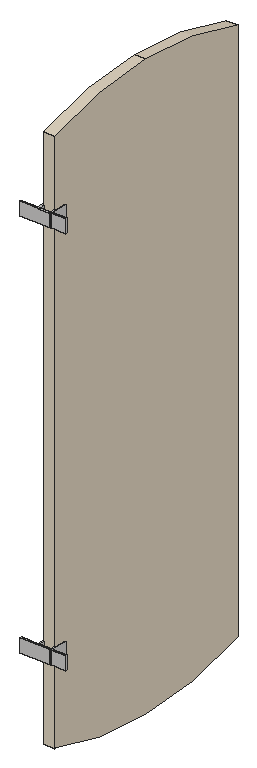
Revit family
Parameters (values of type "As Specified in 10 21 00")
  notarch = not(Arch)  # no
  Warranty Duration (Years) = 0
  URL = "http://www.hadrian-inc.com"
  Type Comments = "Urinal Screen"
  Stall Depth = 1' - 6"
  SpecWizard = "http://www.arcat.com/specwizard/10160had/index.htm?mf=&coid=32921"
  Panel Thickness = 0' - 0 7/8"
  Panel Height = 3' - 6"
  Installation-Fabrication = "http://www.hadrian-inc.com/Common/downloads/pdfs/SSurinalscreen.pdf"
  Green Building-LEED = "http://www.arcat.com/green/clients/leed_data_32921.html"
  Specification = "http://www.arcat.com/sd/clients/hadrian.html?coid=32921"
  Send Message = "http://www.arcat.com/users.pl?action=UserEmail&company=Hadrian%20Inc.&coid=32921&rep=119&fax=440-942-9618&mf=\r\n"
  Sales Information = "http://www.hadrian-inc.com/salesagentlocator.aspx"
  Revision = "R1_12/2009"
  Reveal Clearance = 0' - 0 1/2"
  Product Properties = "http://www.arcat.com/bim/bim_info.pl?fn=Urinal-Screen_Hadrian_WallMount\r\n"
  Product Data = "http://www.arcat.com/arcatcos/cos32/arc32921.html"
  Panel Material [instance] = Solid Plastic - Color as Specified
  Model = "As Specified in 10 21 00"
  Manufacturer Website = "http://www.hadrian-inc.com"
  Manufacturer Phone = "440-942-9118"
  Manufacturer Fax = "440-942-9618"
  Manufacturer Address = "7420 Clover Ave.; Mentor, OH 44060"
  Manufacturer = "Hadrian Inc."
  Maintenance Schedule (Months) = 0
  Keynote = "10 21 00"
  Installation Phase = ""
  Hardware Finish [instance] = Stainless Steel - Type 304 #4 Brushed Finish
  Expected Lifespan (Years) = 0
  Drawn By = "Robert S. Weygant, CSI, CDT, SCIP"  # constant formula
  Distance from Floor to Panel [instance] = 1' - 0"
  Copyright = "2009, ARCAT, Inc."  # constant formula
  Description = "As Specified in 10 21 00"
  Construction Details = "http://www.arcat.com/details/hadrian/hadrian.html?coid=32921"
  Brackets_Vertical = 2
  Assembly Code = "C1010400"
  Arch = yes
Reference planes (in)
  plane 1: y = 26.56271
  plane 2: x = 14.69467
  plane 3 "Back": y = 29.06271
  plane 4 "Right": x = 13.81967
  plane 5 "Bottom of panel": z = 12
  plane 6 "Top of panel": z = 54
  plane 7 "Bottom Bracket": z = 18
  plane 8 "Top Bracket": z = 48
  plane 9 "Top Hinge": z = 50.75
  plane 10: y = 47.06271
  plane 11: y = 29.56271
  plane 12: z = 0
  plane 13: x = 14.25717
Forms (in)
  Extrusion 1, solid, material "Solid Plastic - Color as Specified" <- "Panel Material", visible <- "notarch"
    sketch origin (0, 0, 0) x (1, 0, 0) y (0, 1, 0)
      loop
        line (13.81967, 29.56271) -> (14.69467, 29.56271) -> (14.69467, 47.06271) -> (13.81967, 47.06271) -> (13.81967, 29.56271)
    from 12 to 54
  Extrusion 2, solid, material "Solid Plastic - Color as Specified" <- "Panel Material", visible <- "Arch"
    sketch origin (13.81967, 0, 0) x (0, 1, 0) y (0, 0, 1)
      loop
        arc (47.06271, 54) -> (42.75153, 55.12228) -> (38.31271, 55.5) r 26.27083
        arc (38.31271, 55.5) -> (33.87389, 55.12228) -> (29.56271, 54) r 26.27083
        line (29.56271, 54) -> (29.56271, 12)
        arc (29.56271, 12) -> (33.87389, 10.87772) -> (38.31271, 10.5) r 26.27083
        arc (38.31271, 10.5) -> (42.75153, 10.87772) -> (47.06271, 12) r 26.27083
        line (47.06271, 12) -> (47.06271, 54)
    from 0 to 0.875
Lines and regions (in)
  symbolic lines
    curve 1: line (14.69467, 29.06271, 0) -> (13.81967, 29.06271, 0)
Text (in)
  text "Placement Side" at (0, 40.15149, 123.01588), in view "Right"
  text "Placement Side" at (-71.13158, 43.3951, 0), in view "Floor Line"
  text "Placement Side" at (0, 65.23256, 117.93067), in view "Left"
Dimensions and locks (in)
  "Panel Height": plane 5 "Bottom of panel" to plane 6 "Top of panel"
  "Distance from Floor to Panel": host wall to plane 5 "Bottom of panel"
  "Panel Thickness": plane 4 "Right" to plane 2
  locked: plane 8 "Top Bracket" to plane 9 "Top Hinge" at 2.75
  locked: plane 8 "Top Bracket" to plane 6 "Top of panel" at 6
  locked: plane 5 "Bottom of panel" to plane 7 "Bottom Bracket" at 6
  "Reveal Clearance": plane 11 to plane 3 "Back"
  group 1 to group 2 = 0' - 0"  (x2)
  group 1 to group 2 = 2' - 6"
  "Stall Depth": plane 10 to plane 3 "Back"
  equal spacing: plane 4 "Right", plane 13, plane 2
  locked: plane 6 "Top of panel" to Extrusion 2 sketch curve at 1.5
  locked: Extrusion 2 sketch curve to plane 5 "Bottom of panel" at 1.5
  aligned and locked: Extrusion 1 to plane 6 "Top of panel"
  aligned and locked: plane 5 "Bottom of panel" to Extrusion 1
  aligned and locked: plane 10 to Extrusion 1 sketch curve
  aligned and locked: Extrusion 1 sketch curve to plane 11
  aligned and locked: nested 1 to plane 2  (x3)
  aligned and locked: plane 3 "Back" to nested 1
  aligned and locked: plane 7 "Bottom Bracket" to nested 1
  aligned and locked: nested 1 to plane 3 "Back"  (x4)
  aligned and locked: plane 4 "Right" to nested 1  (x2)
  aligned and locked: plane 8 "Top Bracket" to nested 2
  aligned and locked: nested 2 to plane 2
  aligned and locked: plane 12 to level
  aligned and locked: host wall to plane 3 "Back"
  aligned and locked: plane 3 "Back" to nested 2
  aligned and locked: plane 11 to Extrusion 2 sketch curve
  aligned and locked: Extrusion 2 to plane 4 "Right"
  aligned and locked: plane 2 to Extrusion 2
  aligned and locked: Extrusion 2 sketch curve to plane 11
  aligned and locked: Extrusion 2 sketch curve to plane 10
Automatic sketch dimensions
  curve 1 to host wall = 0' - 0"
  curve 1 to plane 4 "Right" = 0' - 0"
  curve 1 to plane 2 = 0' - 0"
  Extrusion 1 sketch curve to plane 4 "Right" = 0' - 0"
  Extrusion 1 sketch curve to plane 2 = 0' - 0"
  Extrusion 2 sketch curve to Extrusion 2 sketch curve = 0' - 0"  (x2)
  Extrusion 2 sketch curve to plane 6 "Top of panel" = 0' - 0"  (x2)
  Extrusion 2 sketch curve to plane 5 "Bottom of panel" = 0' - 0"  (x2)
Nested families (in)
  nested 1: "Mounting Bracket" at (14.69467, 29.06271, 18) x (-1, 0, 0) z (0, 0, 1), type "Common Mount"
  nested 2: "Mounting Bracket" at (14.69467, 29.06271, 48) x (-1, 0, 0) z (0, 0, 1), type "Common Mount"
Definition of nested family "Mounting Bracket"
  Parameters (values of type "Common Mount")
    panel thickness = 0' - 0 1/2"
    hdwr matl = none
    Surfmnt = yes
    Hdwr Height = 0' - 1"
    Assembly Code = ""
  Types (2): name | panel thickness | Surfmnt
    Common Mount | 0' - 0 1/2" | yes
    End Mount | 0' - 1" | no
  Reference planes (in)
    plane 1 "Center (Front/Back)": y = 0
    plane 2 "bottom": z = 0
    plane 3 "Center (Left/Right)": x = 0
    plane 4: y = -1.37133
    plane 5 "top": z = 1
    plane 6: y = -0.12324
  Forms (in)
    Extrusion 1, solid, material <- "hdwr matl"
      sketch origin (0, 0, 0) x (1, 0, 0) y (0, 1, 0)
        loop
          line (0, -1.37133) -> (0, -0.125) -> (0.5, -0.125) -> (0.5, -1.37133) -> (0.625, -1.37133) -> (0.625, -0.12324) -> (2.25, -0.12324) -> (2.25, 0) -> (-0.125, 0) -> (-0.125, -1.37133) -> (0, -1.37133)
      from 0 to 1
    Extrusion 2, solid, material <- "hdwr matl", visible <- "Surfmnt"
      sketch origin (0, 0, 0) x (1, 0, 0) y (0, 1, 0)
        loop
          line (0, 0) -> (-1.25, 0) -> (-1.25, -0.125) -> (0, -0.125) -> (0, 0)
      from 0 to 1
  Dimensions and locks (in)
    "panel thickness": Extrusion 1 sketch curve to Extrusion 1 sketch curve
    locked: Extrusion 1 sketch curve to Extrusion 1 sketch curve at 0.125  (x2)
    locked: plane 4 to plane 1 "Center (Front/Back)" at 1.37133
    locked: Extrusion 1 sketch curve to Extrusion 1 sketch curve at 2.375
    locked: Extrusion 2 sketch curve to Extrusion 2 sketch curve at 0.125
    locked: Extrusion 2 sketch curve to Extrusion 2 sketch curve at 1.25
    "Hdwr Height": plane 5 "top" to plane 2 "bottom"
    locked: plane 6 to plane 1 "Center (Front/Back)" at 0.12324
    "panel thickness": Extrusion 1 to Extrusion 1
    aligned and locked: plane 3 "Center (Left/Right)" to Extrusion 1 sketch curve
    aligned and locked: Extrusion 1 sketch curve to plane 1 "Center (Front/Back)"
    aligned and locked: Extrusion 1 sketch curve to plane 4  (x2)
    aligned and locked: Extrusion 2 sketch curve to plane 1 "Center (Front/Back)"
    aligned and locked: plane 3 "Center (Left/Right)" to Extrusion 2 sketch curve
    aligned and locked: plane 5 "top" to Extrusion 1
    aligned and locked: plane 5 "top" to Extrusion 2
    aligned and locked: Extrusion 1 to plane 2 "bottom"
    aligned and locked: Extrusion 2 to plane 2 "bottom"
  Automatic sketch dimensions
    plane 1 "Center (Front/Back)" to Extrusion 1 sketch curve = 0' - 0.12324"
    plane 1 "Center (Front/Back)" to Extrusion 1 sketch curve = 0' - 0 1/8"
